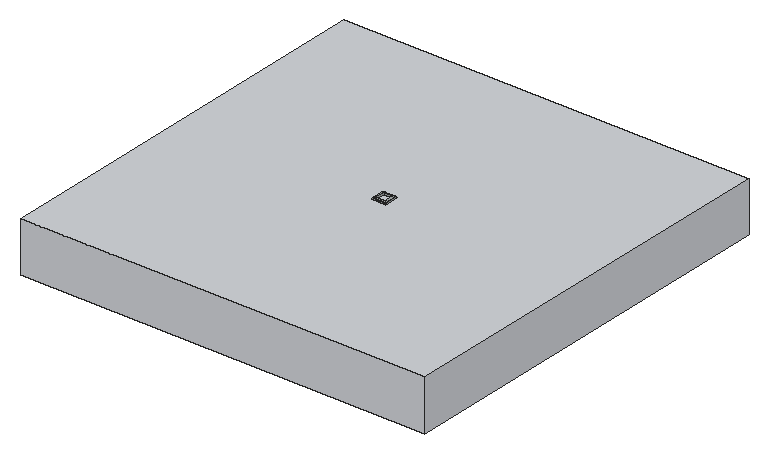
Revit family "Gira_109103", category Elektroinstallationen, Revit 2017
Family settings
  Basisbauteil = Fläche
  Beschriftungsausrichtung beibehalten = Nein
  Bemaßung runder Anschluss = Durchmesser verwenden
  Teiletyp = Normal
  Beim Laden mit Abzugskörper schneiden = Nein
  Gemeinsam genutzt = Nein
  Raumberechnungspunkt = Nein
Parameters
  With mounting grid = no
  With hinged lid = no
  URL = "https://www.gira.de/"
  Typname = "Cov.fr. 1-g in.sp. Standard 55 p.white"
  Type of fastening = "Clamp mounting"
  Transparent = no
  Surface protection = "Other"
  Surface finishing = "Glossy"
  Suitable for wall duct = no
  Suitable for flush-mounted installation = yes
  Suitable for floor box = no
  Suitable for built-in installation = no
  RAL-number (akin) = 9010
  Productwebsite = "http://katalog.gira.de/en/datenblatt.html?artikelnr=109103"
  Number of units vertical = 1
  Number of units = 1
  Mounting direction = "Vertical"
  Material quality = "Thermoplastic"
  Material = "Plastic"
  Label space/information surface = yes
  Hersteller = "Gira"
  Halogen free = yes
  HAN = "109103"
  GTIN = "4010337091035"
  Degree of protection (IP) = "IP20"
  Data sheet = "https://katalog.gira.de/en/download.html?artikelnr=109103"
  Colour = "White"
  Beschreibung = "Cov.fr.1g in.sp. Std55 PW,Gira Standard 55 cover frame with inscription space,pure white glossy,1-gang,Features:,- Shatter-proof.,- Spray-proof.,- Frames with transparent view window for inscription.,- Ideally suited for use in buildings in which the electrical installation must be identified and documented, for example in managerial centres, commercial operations, airports, companies, and hospitals.,,Notes :,- Not to be used with: seal kit IP44, surface-mounted housing with flat design, surface-mounted housing."
  Keynote = ""
  Default Elevation = 1219.2 mm
  BIM = "https://media.stage.bim.site/public/gira/ad86d9f/Std55_Rahmen_1fach.rfa"
Reference planes
  plane 1 "Center (Front/Back)": y = 0
  plane 2: z = 0
  plane 3 "Center (Left/Right)": x = 0
  plane 4: y = -40.3
  plane 5: y = 40.3
  plane 6: x = 40.3
  plane 7: x = -40.3
Forms (mm)
  Extrusion 1, solid
    sketch origin (0, 0, 0) x (1, 0, 0) y (0, 1, 0)
      loop
        line (-1219.2, 1219.2) -> (-1219.2, -1219.2) -> (1219.2, -1219.2) -> (1219.2, 1219.2) -> (-1219.2, 1219.2)
    from 0 to -304.8
  Sweep 2, solid, material "White", detail levels fine
    path origin (0, 0, 0) x (1, 0, 0) y (0, 1, 0)
      loop
        line (40.3, 40.3) -> (-40.3, 40.3) -> (-40.3, -40.3) -> (40.3, -40.3) -> (40.3, 40.3)
    profile origin (0, 40.3, 0) x (0, -1, 0) y (0, 0, 1)
      loop
        arc (12.22, 11.373) -> (5.983, 10.294) -> (0.641, 6.901) r 16.145
        arc (0.641, 6.901) -> (0.395, 6.426) -> (0.309, 5.898) r 1.694
        line (0.309, 5.898) -> (0, 0) -> (12.319, 0) -> (12.22, 11.373)
  Extrusion 3, solid, material "White", detail levels coarse+medium
    sketch origin (0, 0, 0) x (1, 0, 0) y (0, 1, 0)
      loop
        line (40.3, 40.3) -> (-40.3, 40.3) -> (-40.3, -40.3) -> (40.3, -40.3) -> (40.3, 40.3)
    from 0 to 11.373
Dimensions and locks
  aligned and locked: plane 2 to Extrusion 1
  aligned and locked: level to Extrusion 1
